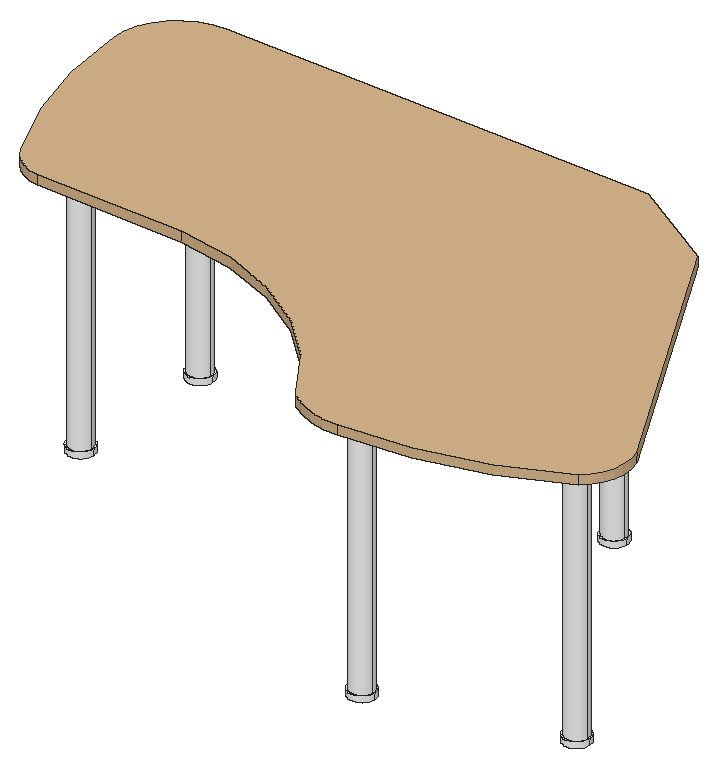
Revit family
Parameters (values of type "2000 x 1200")
  Vis - Symbolic Hidden = yes
  Material Table = Wood - Birch
  Model = "Corner table"
  Manufacturer = "Revit"
  Material Leg = Metal - Chrome
  Keynote = "N"
  Description = "Desk"
  Assembly Code = "E2020200"
Reference planes
  plane 1 "Center (Front/Back)": y = 0
  plane 2: z = 0
  plane 3 "Center (Left/Right)": x = 0
  plane 4: y = -188.822
  plane 5: y = 218.482
  plane 6: y = -643.464
  plane 7: x = 844.996
  plane 8: x = -769.669
  plane 9: x = 362.091
  plane 10: y = -513.291
Forms (mm)
  Extrusion 1, solid, material "Wood - Birch" <- "Material Table"
    sketch origin (0, 0, 0) x (1, 0, 0) y (0, 1, 0)
      loop
        arc (-869.276, 431.646) -> (-989.112, 379.662) -> (-1033.032, 256.641) r 164.118
        arc (-1033.032, 256.641) -> (-986.395, -5.272) -> (-883.808, -250.729) r 1213.547
        arc (-883.808, -250.729) -> (-842.423, -296.371) -> (-784.659, -317.8) r 129.846
        line (-784.659, -317.8) -> (-393.898, -317.8)
        arc (-393.898, -317.8) -> (-29.372, -432.137) -> (234.181, -708.709) r 763.785
        arc (234.181, -708.709) -> (240.263, -717.4) -> (247.98, -724.677) r 52.05
        arc (247.98, -724.677) -> (317.541, -759.796) -> (395.115, -767.16) r 210.182
        arc (395.115, -767.16) -> (672.658, -724.1) -> (931.684, -615.521) r 1158.579
        arc (931.684, -615.521) -> (975.03, -545.799) -> (969.593, -463.882) r 134.036
        line (969.593, -463.882) -> (537.517, 284.496) -> (282.645, 431.646) -> (-869.276, 431.646)
    from 700 to 725
Lines and regions (mm)
  Masking region 1
    outline origin (0, 0, 0) x (1, 0, 0) y (0, 1, 0)
      loop
        arc (234.181, -708.709) -> (240.263, -717.4) -> (247.98, -724.677) r 52.05
        arc (247.98, -724.677) -> (317.541, -759.796) -> (395.115, -767.16) r 210.182
        arc (395.115, -767.16) -> (672.658, -724.1) -> (931.684, -615.521) r 1158.579
        arc (931.684, -615.521) -> (975.03, -545.799) -> (969.593, -463.882) r 134.036
        line (969.593, -463.882) -> (537.517, 284.496) -> (282.645, 431.646) -> (-869.276, 431.646)
        arc (-869.276, 431.646) -> (-989.112, 379.662) -> (-1033.032, 256.641) r 164.118
        arc (-1033.032, 256.641) -> (-986.395, -5.272) -> (-883.808, -250.729) r 1213.547
        arc (-883.808, -250.729) -> (-842.423, -296.371) -> (-784.659, -317.8) r 129.846
        line (-784.659, -317.8) -> (-393.898, -317.8)
        arc (-393.898, -317.8) -> (-29.372, -432.137) -> (234.181, -708.709) r 763.785
  symbolic lines, visible <- "Vis - Symbolic Hidden"
    curve 1: line (-869.276, 431.646, 0) -> (282.645, 431.646, 0)
    curve 2: line (282.645, 431.646, 0) -> (537.517, 284.496, 0)
    curve 3: line (537.517, 284.496, 0) -> (969.593, -463.882, 0)
    curve 4: arc (969.593, -463.882, 0) -> (975.03, -545.799, 0) -> (931.684, -615.521, 0) r 134.036
    curve 5: arc (931.684, -615.521, 0) -> (672.658, -724.1, 0) -> (395.115, -767.16, 0) r 1158.579
    curve 6: arc (395.115, -767.16, 0) -> (317.541, -759.796, 0) -> (247.98, -724.677, 0) r 210.182
    curve 7: arc (247.98, -724.677, 0) -> (240.263, -717.4, 0) -> (234.181, -708.709, 0) r 52.05
    curve 8: arc (234.181, -708.709, 0) -> (-29.372, -432.137, 0) -> (-393.898, -317.8, 0) r 763.785
    curve 9: line (-393.898, -317.8, 0) -> (-784.659, -317.8, 0)
    curve 10: arc (-784.659, -317.8, 0) -> (-842.423, -296.371, 0) -> (-883.808, -250.729, 0) r 129.846
    curve 11: arc (-883.808, -250.729, 0) -> (-986.395, -5.272, 0) -> (-1033.032, 256.641, 0) r 1213.547
    curve 12: arc (-1033.032, 256.641, 0) -> (-989.112, 379.662, 0) -> (-869.276, 431.646, 0) r 164.118
  symbolic lines, style "FurnitureHiddenLines", visible <- "Vis - Symbolic Hidden"
    curve 13: arc (-812.669, 218.482, 0) -> (-769.669, 175.482, 0) -> (-726.669, 218.482, 0) r 43
    curve 14: arc (-726.669, 218.482, 0) -> (-769.669, 261.482, 0) -> (-812.669, 218.482, 0) r 43
    curve 15: arc (-726.669, -188.822, 0) -> (-769.669, -145.822, 0) -> (-812.669, -188.822, 0) r 43
    curve 16: arc (-812.669, -188.822, 0) -> (-769.669, -231.822, 0) -> (-726.669, -188.822, 0) r 43
    curve 17: arc (319.091, 218.482, 0) -> (362.091, 175.482, 0) -> (405.091, 218.482, 0) r 43
    curve 18: arc (405.091, 218.482, 0) -> (362.091, 261.482, 0) -> (319.091, 218.482, 0) r 43
    curve 19: arc (405.091, -643.464, 0) -> (362.091, -600.464, 0) -> (319.091, -643.464, 0) r 43
    curve 20: arc (319.091, -643.464, 0) -> (362.091, -686.464, 0) -> (405.091, -643.464, 0) r 43
    curve 21: arc (801.996, -513.291, 0) -> (844.996, -556.291, 0) -> (887.996, -513.291, 0) r 43
    curve 22: arc (887.996, -513.291, 0) -> (844.996, -470.291, 0) -> (801.996, -513.291, 0) r 43
Dimensions and locks
  aligned and locked: Extrusion 1 to nested 1
  aligned and locked: curve 13 to nested 3
  aligned and locked: curve 14 to nested 3
  aligned and locked: curve 15 to nested 1
  aligned and locked: curve 16 to nested 1
  aligned and locked: curve 17 to nested 4
  aligned and locked: curve 18 to nested 4
  aligned and locked: curve 19 to nested 5
  aligned and locked: curve 20 to nested 5
  aligned and locked: curve 21 to nested 2
  aligned and locked: curve 22 to nested 2
  aligned and locked: Masking region 1 sketch curve to curve 8
  aligned and locked: Masking region 1 sketch curve to curve 9
  aligned and locked: Masking region 1 sketch curve to curve 10
  aligned and locked: Masking region 1 sketch curve to curve 11
  aligned and locked: Masking region 1 sketch curve to curve 12
  aligned and locked: Masking region 1 sketch curve to curve 1
  aligned and locked: Masking region 1 sketch curve to curve 2
  aligned and locked: Masking region 1 sketch curve to curve 3
  aligned and locked: Masking region 1 sketch curve to curve 4
  aligned and locked: Masking region 1 sketch curve to curve 5
  aligned and locked: Masking region 1 sketch curve to curve 6
  aligned and locked: Masking region 1 sketch curve to Extrusion 1
Nested families
  nested 1: "Leg" at (-769.669, -188.822, 0), type "Height 700mm"
  nested 2: "Leg" at (844.996, -513.291, 0) x (-1, 0, 0) z (0, 0, 1), type "Height 700mm"
  nested 3: "Leg" at (-769.669, 218.482, 0) x (-1, 0, 0) z (0, 0, 1), type "Height 700mm"
  nested 4: "Leg" at (362.091, 218.482, 0) x (-1, 0, 0) z (0, 0, 1), type "Height 700mm"
  nested 5: "Leg" at (362.091, -643.464, 0) x (-1, 0, 0) z (0, 0, 1), type "Height 700mm"
Definition of nested family "Leg"
  Parameters (values of type "Height 700mm")
    Model = "Abacus"
    Manufacturer = "LM"
    Leg Material = none
    Description = "Table Leg"
    Assembly Code = "E2020200"
  Reference planes
    plane 1 "Center (Front/Back)": y = 0
    plane 2: z = 0
    plane 3 "Center (Left/Right)": x = 0
  Forms (mm)
    Revolve 1, solid, material <- "Leg Material"
      sketch origin (0, 0, 0) x (1, 0, 0) y (0, 0, 1)
        loop
          line (0, 15) -> (0, 700) -> (-43, 700) -> (-33, 650) -> (-30, 650) -> (-30, 15) -> (0, 15)
        axis (0, 15) -> (0, 700)
      angle from 0 to 360
    Extrusion 2, solid, material <- "Leg Material"
      sketch origin (0, 0, 0) x (1, 0, 0) y (0, 1, 0)
        loop
          circle (0, 0) r 35
      from 0 to 15
  Dimensions and locks
    aligned and locked: plane 3 "Center (Left/Right)" to Revolve 1 sketch curve
    aligned and locked: Revolve 1 to Extrusion 2
